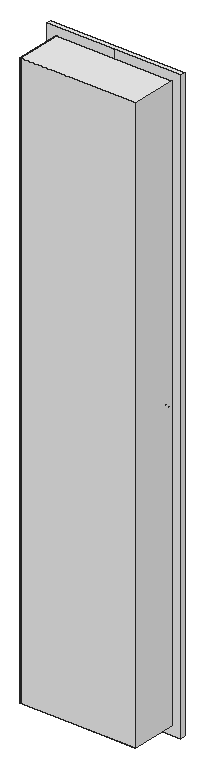
Revit family "Silver Washroom Recessed Panel With Waste Container_IN", category Generic Models, host Wall, Revit 2017
Family settings
  Host = Wall
  Can host rebar = No
  Round Connector Dimension = Use Diameter
  Part Type = Normal
  Always vertical = Yes
  Cut with Voids When Loaded = No
  Shared = No
  Room Calculation Point = No
Parameters (values of type "Type 1")
  Website = "https://dolphy.in/"  # constant formula
  Contact number = "+91 9520202035"  # constant formula
  Contact email = "info@dolphy.in"  # constant formula
  Company name = "Dolphy India"  # constant formula
Reference planes
  plane 1 "Wall": y = 0
  plane 2 "Center (Left/Right)": x = 125
  plane 3 "Back": y = 75
Forms (mm)
  Extrusion 1, void
    sketch origin (310, 89.64, 1650) x (0, 0, -1) y (-1, 0, 0)
      loop
        line (22.5, 25) -> (1627.5, 25) -> (1627.5, 345) -> (22.5, 345) -> (22.5, 25)
    from -14.64 to -139.64
Text (mm)
  text "Placement Side" at (-1848.837, 1116.779, 0), in view "Ref. Level"
  text "Placement side" at (0, 1409.804, 2854.306), in view "Left"
  text "Placement side" at (0, 499.811, 2980.732), in view "Right"
Dimensions and locks
  locked: plane 3 "Back" to host wall
  aligned and locked: plane 1 "Wall" to host wall
  aligned and locked: nested 1 to plane 2 "Center (Left/Right)"
  aligned and locked: nested 1 to plane 3 "Back"
  aligned and locked: Extrusion 1 to nested 1  (x4)
  aligned and locked: host wall to Extrusion 1
  aligned and locked: nested 1 to Extrusion 1
Nested families
  nested 1: "Silver Washroom Recessed Panel With Waste Container_IN" at (125, 75, 0) x (-1, 0, 0) z (0, 0, 1), type "Silver Washroom Recessed Panel With Waste Container_IN"
Definition of nested family "Silver Washroom Recessed Panel With Waste Container_IN"
  Parameters (values of type "Silver Washroom Recessed Panel With Waste Container_IN")
    Website = "https://dolphy.in/"  # constant formula
    M&L = none
    Contact number = "+91 9520202035"  # constant formula
    Contact emai = "info@dolphy.in"  # constant formula
    Company name = "Dolphy India"  # constant formula
  Reference planes
    plane 1 "Center (Front/Back)": y = 0
    plane 2: z = 0
    plane 3 "Center (Left/Right)": x = 0
  Forms (mm)
    Extrusion 1, solid, material <- "M&L"
      sketch origin (0, 0, 0) x (1, 0, 0) y (0, 1, 0)
        loop
          line (0, 0) -> (-185, 0) -> (-185, -14.64) -> (0, -14.64) -> (185, -14.64) -> (185, 0) -> (0, 0)
      from 0 to 1650
    SweptBlend 2, solid, material <- "M&L"
      path origin (0, 0, 0) x (0, 1, 0) y (0, 0, 1)
        loop
          line (-14.64, 1581.5) -> (-34.64, 1581.5)
      profile origin (0, -14.64, 1581.5) x (0, 0, -1) y (1, 0, 0)
        loop
          line (-46, 155) -> (-46, -155)
          arc (-46, -155) -> (-44.536, -158.536) -> (-41, -160) r 5
          line (-41, -160) -> (249, -160)
          arc (249, -160) -> (252.536, -158.536) -> (254, -155) r 5
          line (254, -155) -> (254, 155)
          arc (254, 155) -> (252.536, 158.536) -> (249, 160) r 5
          line (249, 160) -> (-41, 160)
          arc (-41, 160) -> (-44.536, 158.536) -> (-46, 155) r 5
      end profile origin (0, -34.64, 1581.5) x (0, 0, -1) y (1, 0, 0)
        loop
          line (203.649, -160) -> (203.649, 160) -> (-13.5, 160) -> (-13.5, -160) -> (203.649, -160)
    Extrusion 3, void
      sketch origin (185, -14.64, 0) x (1, 0, 0) y (0, 0, -1)
        loop
          line (-25, -1312.5) -> (-25, -672.5) -> (-345, -672.5) -> (-345, -1312.5) -> (-25, -1312.5)
        loop
          line (-345, -657.5) -> (-25, -657.5) -> (-25, -25) -> (-345, -25) -> (-345, -657.5)
      from 0 to 71.726
    Extrusion 4, solid, material <- "M&L"
      sketch origin (0, 0, 0) x (-1, 0, 0) y (0, 0, 1)
        loop
          line (-160, 1627.5) -> (-160, 22.5) -> (160, 22.5) -> (160, 1627.5) -> (-160, 1627.5)
        loop
          line (159, 1626.5) -> (-159, 1626.5) -> (-159, 23.5) -> (159, 23.5) -> (159, 1626.5)
      from 0 to 125
    Extrusion 5, solid, material <- "M&L"
      sketch origin (185, -14.64, 0) x (-1, 0, 0) y (0, 0, -1)
        loop
          line (25.8, -1311.7) -> (344.2, -1311.7) -> (344.2, -1011.7) -> (25.8, -1011.7) -> (25.8, -1311.7)
        loop
          line (344.2, -656.7) -> (344.2, -25.8) -> (25.8, -25.8) -> (25.8, -656.7) -> (344.2, -656.7)
      from 0 to -5
    Extrusion 6, solid, material <- "M&L"
      sketch origin (-160, -14.64, 672.5) x (1, 0, 0) y (0, 1, 0)
        loop
          line (317.399, 14.64) -> (317.399, 135) -> (2.378, 135) -> (2.378, 14.64) -> (160, 14.64) -> (317.399, 14.64)
      from 0 to -5
    Extrusion 7, void
      sketch origin (-160, -14.64, 672.5) x (0, 1, 0) y (1, 0, 0)
        loop
          line (49.64, 52.378) -> (100, 52.378)
          arc (100, 52.378) -> (107.071, 55.307) -> (110, 62.378) r 10
          line (110, 62.378) -> (110, 257.399)
          arc (110, 257.399) -> (107.071, 264.47) -> (100, 267.399) r 10
          line (100, 267.399) -> (49.64, 267.399)
          arc (49.64, 267.399) -> (42.569, 264.47) -> (39.64, 257.399) r 10
          line (39.64, 257.399) -> (39.64, 158.852) -> (39.64, 62.378)
          arc (39.64, 62.378) -> (42.569, 55.307) -> (49.64, 52.378) r 10
      from 0 to 65.023
    Extrusion 8, void
      sketch origin (0, -14.64, 1327.5) x (-1, 0, 0) y (0, -0.369154, 0.929368)
        loop
          line (105.913, 40.065) -> (0, 40.065) -> (-105.958, 40.065)
          arc (-105.958, 40.065) -> (-106.634, 39.785) -> (-106.913, 39.109) r 0.955
          line (-106.913, 39.109) -> (-106.913, 6.046)
          arc (-106.913, 6.046) -> (-106.621, 5.339) -> (-105.913, 5.046) r 1
          line (-105.913, 5.046) -> (0, 5.046) -> (105.925, 5.046)
          arc (105.925, 5.046) -> (106.624, 5.336) -> (106.913, 6.035) r 0.989
          line (106.913, 6.035) -> (106.913, 39.065)
          arc (106.913, 39.065) -> (106.621, 39.772) -> (105.913, 40.065) r 1
      from 0 to 49.284
    Extrusion 9, solid, material <- "M&L"
      sketch origin (0, -14.64, 1327.5) x (1, 0, 0) y (0, -0.369154, 0.929368)
        loop
          line (-106.913, 29.265) -> (-106.913, 13.114)
          arc (-106.913, 13.114) -> (-106.679, 12.548) -> (-106.113, 12.314) r 0.8
          line (-106.113, 12.314) -> (106.113, 12.314)
          arc (106.113, 12.314) -> (106.679, 12.548) -> (106.913, 13.114) r 0.8
          line (106.913, 13.114) -> (106.913, 29.265)
          arc (106.913, 29.265) -> (106.679, 29.831) -> (106.113, 30.065) r 0.8
          line (106.113, 30.065) -> (-106.113, 30.065)
          arc (-106.113, 30.065) -> (-106.679, 29.831) -> (-106.913, 29.265) r 0.8
        loop
          arc (-7.561, 23.793) -> (-10.165, 21.189) -> (-7.561, 18.585) r 2.604
          line (-7.561, 18.585) -> (0, 18.585) -> (7.561, 18.585)
          arc (7.561, 18.585) -> (10.165, 21.189) -> (7.561, 23.793) r 2.604
          line (7.561, 23.793) -> (0, 23.793) -> (-7.561, 23.793)
      from -2.004 to -10
    Sweep 10, solid, material <- "M&L"
      path in 3D
        loop
          line (-154.129, -14.64, 1011.7) -> (155.871, -14.64, 1011.7)
      profile origin (0.871, -14.64, 1011.7) x (0, -1, 0) y (0, 0, -1)
        loop
          arc (-95, 0) -> (-82.181, 108.109) -> (-14.979, 193.759) r 201.433
          arc (-14.979, 193.759) -> (-14.728, 194.2) -> (-14.64, 194.701) r 1.477
          line (-14.64, 194.701) -> (-14.64, 196.488)
          arc (-14.64, 196.488) -> (-14.955, 197.191) -> (-15.689, 197.425) r 0.943
          arc (-15.689, 197.425) -> (-85.126, 110.213) -> (-98.176, -0.498) r 203.433
          line (-98.176, -0.498) -> (-95, 0)
    Extrusion 11, solid, material <- "M&L"
      sketch origin (0, 125, 0) x (-1, 0, 0) y (0, 0, 1)
        loop
          line (-159, 1626.5) -> (-159, 23.5) -> (159, 23.5) -> (159, 1626.5) -> (-159, 1626.5)
      from 0 to -0.8
    SweptBlend 12, solid, material <- "M&L"
      path origin (0, 0, 0) x (0, 1, 0) y (0, 0, 1)
        loop
          line (-34.64, 1561.592) -> (-36.64, 1561.592)
      profile origin (0, -34.64, 1561.592) x (0, 0, -1) y (1, 0, 0)
        loop
          circle (0, 0) r 10
      end profile origin (0, -36.64, 1561.592) x (0, 0, -1) y (1, 0, 0)
        loop
          circle (0, 0) r 7
    Extrusion 13, void
      sketch origin (0, -36.64, 1561.592) x (1, 0, 0) y (0, 0, -1)
        loop
          line (-5.138, -0.867) -> (4.862, -0.867) -> (4.862, 0.598) -> (-5.138, 0.598) -> (-5.138, -0.867)
      from 0 to 5
    SweptBlend 14, solid, material <- "M&L"
      path origin (-185, 20.059, 0) x (0, -1, 0) y (0, 0, 1)
        loop
          line (34.64, 1157.393) -> (36.64, 1157.393)
      profile origin (-185, -14.582, 1157.393) x (0, 0, 1) y (-1, 0, 0)
        loop
          circle (0, -325.246) r 10
      end profile origin (-185, -16.582, 1157.393) x (0, 0, 1) y (-1, 0, 0)
        loop
          circle (0, -325.246) r 7
    Extrusion 15, void
      sketch origin (140.246, -16.582, 1157.393) x (-1, 0, 0) y (0, 0, 1)
        loop
          line (-5.138, -0.867) -> (4.862, -0.867) -> (4.862, 0.598) -> (-5.138, 0.598) -> (-5.138, -0.867)
      from 0 to 5
    SweptBlend 16, solid, material <- "M&L"
      path origin (185, 20.083, 0) x (0, -1, 0) y (0, 0, -1)
        loop
          line (34.64, -457.393) -> (36.64, -457.393)
      profile origin (185, -14.557, 457.393) x (0, 0, -1) y (1, 0, 0)
        loop
          circle (0, -44.766) r 10
      end profile origin (185, -16.557, 457.393) x (0, 0, -1) y (1, 0, 0)
        loop
          circle (0, -44.766) r 7
    Extrusion 17, void
      sketch origin (140.234, -16.557, 457.393) x (1, 0, 0) y (0, 0, -1)
        loop
          line (-5.138, -0.867) -> (4.862, -0.867) -> (4.862, 0.598) -> (-5.138, 0.598) -> (-5.138, -0.867)
      from 0 to 5
    Extrusion 18, solid, material <- "M&L"
      sketch origin (0, -14.64, 1327.5) x (1, 0, 0) y (0, -0.369154, 0.929368)
        loop
          line (-106.913, 40.065) -> (-106.913, 5.046) -> (0, 5.046) -> (106.913, 5.046) -> (106.913, 40.065) -> (0, 40.065) -> (-106.913, 40.065)
      from -11.374 to -12.289
  Cuts and joins
    Extrusion 3, Extrusion 8, Extrusion 13 cuts Extrusion 1
    Extrusion 7 cuts Extrusion 6
    Extrusion 13 cuts Extrusion 4
    Extrusion 13 cuts Extrusion 11
    joined: Extrusion 4, Extrusion 11
    Extrusion 8, Extrusion 13, Extrusion 15 cuts SweptBlend 2
    Extrusion 13, Extrusion 15 cuts SweptBlend 12
    joined: SweptBlend 2, SweptBlend 12
    Extrusion 15, Extrusion 17 cuts SweptBlend 14
    Extrusion 17 cuts SweptBlend 16
    joined: Extrusion 5, SweptBlend 14, SweptBlend 16
  Lines and regions (mm)
    model lines
      curve 1: line (185, -14.64, 1650) -> (-185, -14.64, 1650)
      curve 2: line (-185, -14.64, 1650) -> (-185, -14.64, 0)
      curve 3: line (185, -14.64, 0) -> (185, -14.64, 1650)
    sketch lines
      curve 4: line (-154.129, -14.64, 1011.7) -> (155.871, -14.64, 1011.7)
  Dimensions and locks
    Extrusion 1 sketch curve to Extrusion 1 sketch curve = 14.64 mm
    Extrusion 1 sketch curve to Extrusion 1 sketch curve = 370 mm
    Extrusion 1 to Extrusion 1 = 1650 mm
    Extrusion 1 to Extrusion 1 = 370 mm
    Extrusion 1 to Extrusion 3 sketch curve = 25 mm
    cut or joined group of Extrusion 1, Extrusion 3, Extrusion 8, Extrusion 13 to cut or joined group of Extrusion 1, Extrusion 3, Extrusion 8, Extrusion 13 = 320 mm
    cut or joined group of Extrusion 1, Extrusion 3, Extrusion 8, Extrusion 13 to cut or joined group of Extrusion 1, Extrusion 3, Extrusion 8, Extrusion 13 = 370 mm
    SweptBlend 2 to Extrusion 4 = 159.64 mm
    Extrusion 4 to Extrusion 4 = 1605 mm
    aligned and locked: level to plane 2
  Automatic sketch dimensions
    plane 1 "Center (Front/Back)" to Extrusion 1 sketch curve = 0 mm
    Extrusion 1 sketch curve to plane 3 "Center (Left/Right)" = 0 mm  (x2)
    Extrusion 1 sketch curve to plane 3 "Center (Left/Right)" = 185 mm
    curve 3 to Extrusion 1 = 0 mm  (x3)
    curve 2 to Extrusion 1 = 0 mm
    curve 2 to Extrusion 1 = 185 mm
    plane 1 "Center (Front/Back)" to SweptBlend 2 sketch curve = 34.64 mm
    level to SweptBlend 2 sketch curve = 1581.5 mm
    plane 1 "Center (Front/Back)" to SweptBlend 2 sketch curve = 14.64 mm
    profile plane to SweptBlend 2 sketch curve = 46 mm
    SweptBlend 2 sketch curve to SweptBlend 2 sketch curve = 5 mm  (x3)
    SweptBlend 2 sketch curve to profile plane = 249 mm  (x2)
    SweptBlend 2 sketch curve to plane 3 "Center (Left/Right)" = 160 mm  (x2)
    plane 3 "Center (Left/Right)" to SweptBlend 2 sketch curve = 155 mm
    profile plane to SweptBlend 2 sketch curve = 13.5 mm
    SweptBlend 2 sketch curve to profile plane = 203.649 mm
    plane 3 "Center (Left/Right)" to SweptBlend 2 sketch curve = 160 mm
    Extrusion 1 to Extrusion 3 sketch curve = 160 mm  (x2)
    Extrusion 1 to Extrusion 3 sketch curve = 25 mm
    Extrusion 3 sketch curve to Extrusion 3 sketch curve = 0 mm
    Extrusion 3 sketch curve to Extrusion 3 sketch curve = 632.5 mm
    Extrusion 3 sketch curve to Extrusion 3 sketch curve = 15 mm
    Extrusion 3 sketch curve to Extrusion 1 = 337.5 mm
    Extrusion 1 to Extrusion 4 sketch curve = 22.5 mm
    Extrusion 4 sketch curve to Extrusion 1 = 160 mm
    Extrusion 4 sketch curve to Extrusion 4 sketch curve = 1 mm  (x4)
    Extrusion 1 to Extrusion 4 sketch curve = 26 mm
    Extrusion 1 to Extrusion 4 sketch curve = 23.5 mm
    Extrusion 5 sketch curve to Extrusion 1 = 25.8 mm  (x2)
    Extrusion 1 to Extrusion 5 sketch curve = 25.8 mm
    Extrusion 5 sketch curve to Extrusion 1 = 159.2 mm  (x2)
    Extrusion 5 sketch curve to Extrusion 5 sketch curve = 630.9 mm
    Extrusion 5 sketch curve to Extrusion 5 sketch curve = 355 mm
    Extrusion 5 sketch curve to Extrusion 5 sketch curve = 300 mm
    Extrusion 6 sketch curve to Extrusion 3 = 2.378 mm
    Extrusion 3 to Extrusion 6 sketch curve = 14.64 mm
    Extrusion 6 sketch curve to Extrusion 6 sketch curve = 157.622 mm
    Extrusion 3 to Extrusion 6 sketch curve = 2.601 mm
    Extrusion 6 sketch curve to Extrusion 3 = 63.274 mm
    profile plane to Sweep 10 sketch curve = 0 mm
    Sweep 10 sketch curve to profile plane = 0.498 mm
    profile plane to Sweep 10 sketch curve = 98.176 mm
    Sweep 10 sketch curve to Sweep 10 sketch curve = 3.176 mm
    profile plane to Sweep 10 sketch curve = 16.117 mm
    Sweep 10 sketch curve to Sweep 10 sketch curve = 0.534 mm
    Sweep 10 sketch curve to Sweep 10 sketch curve = 0.943 mm
    profile plane to Sweep 10 sketch curve = 31.954 mm
    Sweep 10 sketch curve to profile plane = 102.652 mm
    Sweep 10 sketch curve to Sweep 10 sketch curve = 1.347 mm
    Sweep 10 sketch curve to Sweep 10 sketch curve = 0.735 mm
    profile plane to Sweep 10 sketch curve = 194.701 mm
    Sweep 10 sketch curve to Sweep 10 sketch curve = 1.787 mm
    Extrusion 11 sketch curve to Extrusion 4 = 0 mm  (x4)
    plane 1 "Center (Front/Back)" to SweptBlend 12 sketch curve = 36.64 mm
    level to SweptBlend 12 sketch curve = 1561.592 mm
    SweptBlend 12 sketch curve to SweptBlend 12 sketch curve = 2 mm
    SweptBlend 12 sketch curve to plane 3 "Center (Left/Right)" = 0 mm  (x2)
    SweptBlend 12 sketch curve to profile plane = 0 mm  (x2)
    Extrusion 13 sketch curve to Extrusion 13 sketch curve = 10 mm
    Extrusion 13 sketch curve to Extrusion 13 sketch curve = 1.465 mm
    SweptBlend 14 sketch curve to profile plane = 0 mm  (x2)
    SweptBlend 14 sketch curve to profile plane = 325.246 mm  (x2)
    Extrusion 15 sketch curve to Extrusion 15 sketch curve = 10 mm
    Extrusion 15 sketch curve to Extrusion 15 sketch curve = 1.465 mm
    SweptBlend 16 sketch curve to profile plane = 0 mm  (x2)
    SweptBlend 16 sketch curve to profile plane = 44.766 mm  (x2)
    Extrusion 17 sketch curve to Extrusion 17 sketch curve = 10 mm
    Extrusion 17 sketch curve to Extrusion 17 sketch curve = 1.465 mm
    SweptBlend 2 to Extrusion 18 sketch curve = 14.113 mm
    Extrusion 18 sketch curve to SweptBlend 2 = 51.565 mm
    Extrusion 18 sketch curve to Extrusion 18 sketch curve = 106.913 mm  (x2)
    SweptBlend 2 to Extrusion 18 sketch curve = 5.046 mm
    Extrusion 18 sketch curve to Extrusion 18 sketch curve = 0 mm
    SweptBlend 2 to Extrusion 9 sketch curve = 29.265 mm
    Extrusion 9 sketch curve to SweptBlend 2 = 50.572 mm
    Extrusion 9 sketch curve to Extrusion 9 sketch curve = 0.8 mm  (x3)
    SweptBlend 2 to Extrusion 9 sketch curve = 18.585 mm
    Extrusion 9 sketch curve to Extrusion 9 sketch curve = 98.552 mm  (x2)
    Extrusion 9 sketch curve to Extrusion 9 sketch curve = 7.561 mm  (x2)
    Extrusion 9 sketch curve to Extrusion 9 sketch curve = 0 mm  (x2)
    SweptBlend 2 to Extrusion 9 sketch curve = 13.114 mm
    Extrusion 9 sketch curve to Extrusion 9 sketch curve = 2.604 mm
    Extrusion 8 sketch curve to SweptBlend 2 = 6.046 mm
    SweptBlend 2 to Extrusion 8 sketch curve = 48.439 mm
    Extrusion 8 sketch curve to Extrusion 8 sketch curve = 0.955 mm
    Extrusion 8 sketch curve to Extrusion 8 sketch curve = 1 mm
    Extrusion 8 sketch curve to Extrusion 8 sketch curve = 105.913 mm  (x2)
    Extrusion 8 sketch curve to SweptBlend 2 = 14.113 mm
    Extrusion 8 sketch curve to Extrusion 8 sketch curve = 0 mm
    Extrusion 8 sketch curve to SweptBlend 2 = 15.113 mm
    Extrusion 8 sketch curve to Extrusion 8 sketch curve = 0.989 mm
    Extrusion 7 sketch curve to Extrusion 6 = 25 mm
    Extrusion 7 sketch curve to Extrusion 7 sketch curve = 10 mm  (x3)
    Extrusion 7 sketch curve to Extrusion 6 = 35 mm  (x2)
    Extrusion 7 sketch curve to Extrusion 6 = 50 mm
    Extrusion 7 sketch curve to Extrusion 7 sketch curve = 98.548 mm
    Extrusion 7 sketch curve to Extrusion 6 = 60 mm
    SweptBlend 14 sketch curve to Extrusion 1 = 0.059 mm
    Extrusion 1 to SweptBlend 14 sketch curve = 1.941 mm
    Extrusion 1 to SweptBlend 14 sketch curve = 492.607 mm
    Extrusion 1 to SweptBlend 16 sketch curve = 0.083 mm
    SweptBlend 16 sketch curve to Extrusion 1 = 1.917 mm
    Extrusion 1 to SweptBlend 16 sketch curve = 457.393 mm
    radius of SweptBlend 12 sketch curve = 10 mm
    radius of SweptBlend 12 sketch curve = 7 mm
    radius of SweptBlend 14 sketch curve = 10 mm
    radius of SweptBlend 14 sketch curve = 7 mm
    radius of SweptBlend 16 sketch curve = 10 mm
    radius of SweptBlend 16 sketch curve = 7 mm
